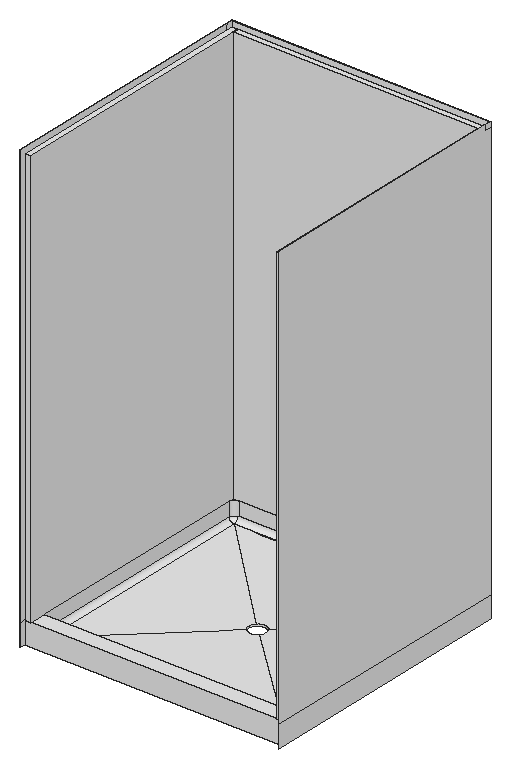
Revit family "4LBS4848FB.V2", category Plumbing Fixtures, Revit 2019
Family settings
  Round Connector Dimension = Use Diameter
  Part Type = Normal
  OmniClass Number = 23.45.05.14.17
  OmniClass Title = Showers
  Work Plane-Based = No
  Always vertical = Yes
  Cut with Voids When Loaded = No
  Shared = No
  Room Calculation Point = No
Parameters (values of type "4LBS4848FB.V2")
  Unit Width = 48"
  Unit Height = 82 1/2"
  Unit Depth = 49"
  URL = "http://www.bestbath.com/"
  Type Comments = "Remodeler"
  Model = "4LBS4848FB.V2"
  Material [instance] = Best Bath Gelcoat Fiberglass - 4 x 8 Subway Tile
  Manufacturer = "Best Bath Systems"
  Keynote = "22 40 00.B3"
  Description = "4 x 8 Subway Tile Finish"
  Assembly Code = "D2010710"
Reference planes (in)
  plane 1 "Back": y = -0.5
  plane 2: z = 0
  plane 3 "Left": x = 0
  plane 4: x = 48
  plane 5: y = -48.5
  plane 6: z = 81.5
  plane 7: z = 0.625
  plane 8: z = 82.5
  plane 9: x = 24
  plane 10: y = -1.75
  plane 11: y = -24.5
  plane 12: z = 0.25
  plane 13: z = 4
  plane 14: y = -49.5
  plane 15: y = -45.5
Forms (in)
  Extrusion 1, solid, material "Best Bath Gelcoat Fiberglass - Smooth"
    sketch origin (0, 0, 0) x (1, 0, 0) y (0, 1, 0)
      loop
        line (0, -0.5) -> (0, -48.5) -> (48, -48.5) -> (48, -0.5) -> (0, -0.5)
      loop
        circle (24, -24.5) r 1.625
    from 0 to 0.625
  Extrusion 2, solid, material "Best Bath Gelcoat Fiberglass - Smooth"
    sketch origin (0, 0, 0) x (1, 0, 0) y (0, 1, 0)
      loop
        line (1.25, -0.5) -> (1.25, -1.75) -> (46.75, -1.75) -> (46.75, -0.5) -> (1.25, -0.5)
    from 4 to 81.5
  Extrusion 3, solid, material "Best Bath Gelcoat Fiberglass - Smooth"
    sketch origin (0, 0, 0) x (1, 0, 0) y (0, 1, 0)
      loop
        line (0, -48.5) -> (1.25, -48.5) -> (1.25, -2.75)
        arc (1.25, -2.75) -> (1.54289, -2.04289) -> (2.25, -1.75) r 1
        line (2.25, -1.75) -> (45.75, -1.75)
        arc (45.75, -1.75) -> (46.45711, -2.04289) -> (46.75, -2.75) r 1
        line (46.75, -2.75) -> (46.75, -48.5) -> (48, -48.5) -> (48, -0.5) -> (0, -0.5) -> (0, -48.5)
    from 0 to 4
  Extrusion 4, solid, material "Best Bath Gelcoat Fiberglass - Smooth"
    sketch origin (0, 0, 0) x (1, 0, 0) y (0, 1, 0)
      loop
        line (0, -48.5) -> (1.25, -48.5) -> (1.25, -0.5) -> (0, -0.5) -> (0, -48.5)
      loop
        line (46.75, -48.5) -> (48, -48.5) -> (48, -0.5) -> (46.75, -0.5) -> (46.75, -48.5)
    from 4 to 81.5
  Sweep 5, solid, material "Best Bath Gelcoat Fiberglass - Smooth"
    path origin (0, 0, 0) x (1, 0, 0) y (0, 1, 0)
      loop
        line (1.25, -48.5) -> (1.25, -2.75)
        arc (1.25, -2.75) -> (1.54289, -2.04289) -> (2.25, -1.75) r 1
        line (2.25, -1.75) -> (45.75, -1.75)
        arc (45.75, -1.75) -> (46.45711, -2.04289) -> (46.75, -2.75) r 1
        line (46.75, -2.75) -> (46.75, -48.5)
    profile origin (1.25, -25.625, 0) x (-1, 0, 0) y (0, 0, 1)
      loop
        line (0, 0.625) -> (0, 1.525)
        arc (0, 1.525) -> (-0.2636, 0.8886) -> (-0.9, 0.625) r 0.9
        line (-0.9, 0.625) -> (0, 0.625)
  Blend 6, void
    base sketch origin (0, 0, 0) x (1, 0, 0) y (0, 1, 0)
      loop
        line (2.25, -45.5) -> (45.75, -45.5) -> (45.75, -2.75) -> (2.25, -2.75) -> (2.25, -45.5)
    top sketch origin (0, 0, 0) x (1, 0, 0) y (0, 1, 0)
      loop
        circle (24, -24.5) r 0.05278
    from 0.625 to 0.25
  Sweep 7, solid, material "Best Bath Gelcoat Fiberglass - Smooth"
    path origin (0, 0, 0) x (1, 0, 0) y (0, 1, 0)
      loop
        line (1.25, -48.5) -> (46.75, -48.5)
    profile origin (24, -48.5, 0) x (0, 1, 0) y (0, 0, 1)
      loop
        line (0, 0) -> (3.7458, 0) -> (3.00161, 4) -> (0, 4) -> (0, 0)
  Extrusion 8, solid, material "Best Bath Gelcoat Fiberglass - Smooth"
    sketch origin (0, 0, 0) x (1, 0, 0) y (0, 1, 0)
      loop
        line (0, -48.5) -> (0, -49.5) -> (0.125, -49.5) -> (0.125, -48.5) -> (0, -48.5)
      loop
        line (48, -48.5) -> (47.875, -48.5) -> (47.875, -49.5) -> (48, -49.5) -> (48, -48.5)
    from 0 to 4
  Extrusion 9, solid, material "Best Bath Gelcoat Fiberglass - Smooth"
    sketch origin (0, 0, 0) x (1, 0, 0) y (0, 1, 0)
      loop
        line (0, -0.5) -> (0, -1.75) -> (0.125, -1.75) -> (0.125, -0.625) -> (47.875, -0.625) -> (47.875, -1.75) -> (48, -1.75) -> (48, -0.5) -> (0, -0.5)
    from 81.5 to 82.5
  Extrusion 10, solid, material "Best Bath Gelcoat Fiberglass - Smooth"
    sketch origin (0, 0, 0) x (1, 0, 0) y (0, 1, 0)
      loop
        line (0, -49.5) -> (0.125, -49.5) -> (0.125, -1.75) -> (0, -1.75) -> (0, -49.5)
      loop
        line (48, -49.5) -> (48, -1.75) -> (47.875, -1.75) -> (47.875, -49.5) -> (48, -49.5)
    from 4 to 82.5
Cuts and joins
  Blend 6 cuts Extrusion 1
  Blend 6 cuts Extrusion 3
  Blend 6 cuts Sweep 5
  joined: Extrusion 1, Extrusion 3, Sweep 5, Sweep 7, Extrusion 8
  joined: Extrusion 2, Extrusion 9
  joined: Extrusion 4, Extrusion 10
Dimensions and locks (in)
  "Unit Width": plane 3 "Left" to plane 4
  locked: plane 7 to level at 0.625
  locked: plane 8 to plane 6 at 1
  "Unit Height": plane 8 to level
  equal spacing: plane 3 "Left", plane 9, plane 4
  plane 1 "Back" to plane 11 = 24"
  plane 10 to plane 1 "Back" = 1 1/4"
  locked: plane 7 to plane 12 at 0.375
  locked: plane 13 to level at 4
  locked: plane 5 to plane 14 at 1
  plane 15 to plane 5 = 3"
  "Unit Depth": plane 14 to plane 1 "Back"
  aligned and locked: level to plane 2
  aligned and locked: Extrusion 1 to plane 7
  aligned and locked: plane 5 to Extrusion 1 sketch curve
  aligned and locked: plane 4 to Extrusion 1 sketch curve
  aligned and locked: Extrusion 2 sketch curve to Extrusion 1
  aligned and locked: Extrusion 2 sketch curve to plane 10
  aligned and locked: plane 11 to Extrusion 1 sketch curve
  aligned and locked: plane 9 to Extrusion 1 sketch curve
  aligned and locked: plane 13 to Extrusion 3
  aligned and locked: Extrusion 2 to plane 13
  aligned and locked: plane 6 to Extrusion 2
  aligned and locked: Extrusion 4 to Extrusion 2
  aligned and locked: plane 6 to Extrusion 4
  aligned and locked: Sweep 5 sketch curve to plane 7
  aligned and locked: plane 11 to Blend 6 sketch curve
  aligned and locked: plane 9 to Blend 6 sketch curve
  aligned and locked: Extrusion 1 to Blend 6
  aligned and locked: Blend 6 to plane 12
  aligned and locked: Extrusion 8 to Extrusion 2
  aligned and locked: Extrusion 9 to plane 6
  aligned and locked: plane 8 to Extrusion 9
  aligned and locked: Extrusion 10 to plane 13
  aligned and locked: plane 8 to Extrusion 10
  aligned and locked: plane 13 to Sweep 7 sketch curve
Automatic sketch dimensions
  Extrusion 1 sketch curve to plane 3 "Left" = 0"
  plane 1 "Back" to Extrusion 1 sketch curve = 0"
  plane 1 "Back" to Extrusion 3 sketch curve = 0"
  Extrusion 3 sketch curve to plane 3 "Left" = 0"
  Extrusion 3 sketch curve to plane 5 = 0"  (x2)
  Extrusion 3 sketch curve to plane 10 = 0"
  Extrusion 3 sketch curve to plane 4 = 0"
  plane 4 to Extrusion 3 sketch curve = 1 1/4"
  Extrusion 3 sketch curve to plane 10 = 1"
  plane 3 "Left" to Extrusion 3 sketch curve = 1 1/4"
  Extrusion 3 sketch curve to Extrusion 3 sketch curve = 1"
  Sweep 5 sketch curve to plane 10 = 0"
  plane 3 "Left" to Sweep 5 sketch curve = 1 1/4"
  Sweep 5 sketch curve to plane 10 = 1"  (x2)
  Sweep 5 sketch curve to plane 5 = 0"  (x2)
  plane 4 to Sweep 5 sketch curve = 2 1/4"
  Sweep 5 sketch curve to profile plane = 0"
  profile plane to Sweep 5 sketch curve = 0.9"
  Sweep 7 sketch curve to plane 5 = 0"
  plane 3 "Left" to Sweep 7 sketch curve = 1 1/4"
  plane 4 to Sweep 7 sketch curve = 1 1/4"
  Blend 6 sketch curve to plane 10 = 1"
  plane 3 "Left" to Blend 6 sketch curve = 2 1/4"
  plane 5 to Blend 6 sketch curve = 3"
  plane 4 to Blend 6 sketch curve = 2 1/4"
  Extrusion 8 sketch curve to plane 3 "Left" = 0"
  Extrusion 8 sketch curve to plane 14 = 0"  (x2)
  Extrusion 8 sketch curve to plane 5 = 0"  (x2)
  Extrusion 8 sketch curve to plane 4 = 0"
  plane 3 "Left" to Extrusion 8 sketch curve = 1/8"
  plane 4 to Extrusion 8 sketch curve = 1/8"
  plane 1 "Back" to Extrusion 4 sketch curve = 0"  (x2)
  Extrusion 4 sketch curve to plane 3 "Left" = 0"
  Extrusion 4 sketch curve to plane 5 = 0"  (x2)
  Extrusion 4 sketch curve to plane 4 = 0"
  plane 3 "Left" to Extrusion 4 sketch curve = 1 1/4"
  plane 4 to Extrusion 4 sketch curve = 1 1/4"
  plane 3 "Left" to Extrusion 2 sketch curve = 1 1/4"
  plane 4 to Extrusion 2 sketch curve = 1 1/4"
  Extrusion 10 sketch curve to plane 3 "Left" = 0"
  Extrusion 10 sketch curve to plane 14 = 0"  (x2)
  Extrusion 10 sketch curve to plane 10 = 0"  (x2)
  Extrusion 10 sketch curve to plane 4 = 0"
  plane 3 "Left" to Extrusion 10 sketch curve = 1/8"
  plane 4 to Extrusion 10 sketch curve = 1/8"
  plane 1 "Back" to Extrusion 9 sketch curve = 0"
  Extrusion 9 sketch curve to plane 3 "Left" = 0"
  Extrusion 9 sketch curve to plane 10 = 0"  (x2)
  Extrusion 9 sketch curve to plane 4 = 0"
  plane 3 "Left" to Extrusion 9 sketch curve = 1/8"
  Extrusion 9 sketch curve to Extrusion 9 sketch curve = 1/8"
  plane 1 "Back" to Extrusion 9 sketch curve = 1/8"
  Sweep 7 sketch curve to profile plane = 0"
  Sweep 7 sketch curve to level = 0"
  Sweep 7 sketch curve to profile plane = 3.00161"
  Sweep 7 sketch curve to profile plane = 3.7458"
  radius of Extrusion 1 sketch curve = 1 5/8"
  radius of Blend 6 sketch curve = 0.05278"
